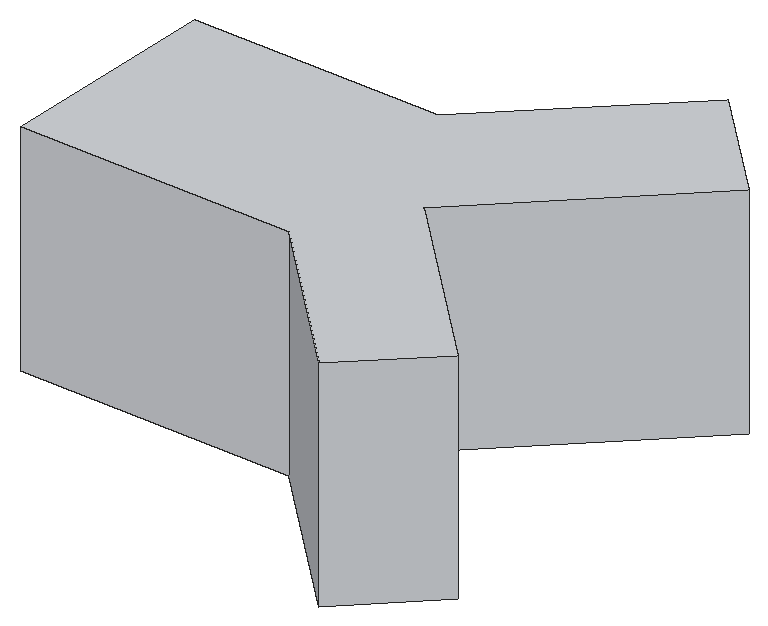
Revit family "M_Rectangular Wye", category Duct Fittings, Revit 2014
Parameters (values of type "Standard")
  Half Duct Width 1 [instance] = Duct Width 1 / 2  # 150 mm
  Duct Width 3 [instance] = 150 mm
  Duct Width 2 [instance] = 200 mm
  Duct Width 1 [instance] = 300 mm
  Duct Length 5 [instance] = Duct Width 1 / 4  # 75 mm
  Duct Length 4 [instance] = if(or(Angle 3 < 90.00°, Angle 3 = 90.00°), Duct Width 3 / 2 / sin(Angle 3) - 25 mm, Duct Width 3 / 2 * cos(180.00° - Angle 3))  # 81.066 mm
  Duct Length 3 [instance] = if(or(Angle 2 < 90.00°, Angle 2 = 90.00°), Duct Width 2 / 2 / sin(Angle 2) - 25 mm, Duct Width 2 / 2 * cos(180.00° - Angle 2))  # 116.421 mm
  Duct Length 2 [instance] = Duct Width 1 + 125 mm  # 425 mm
  Duct Length 1 [instance] = if(Duct Width 3 > Duct Width 2, Duct Width 3 + 125 mm, Duct Width 2 + 125 mm)  # 325 mm
  Duct Height [instance] = 300 mm
  Angle 3 [instance] = 45.00°
  Angle 2 [instance] = 45.00°
Reference planes
  plane 1 "Center (Front/Back)": y = 0
  plane 2: z = 0
  plane 3 "Center (Left/Right)": x = 0
  plane 4: x = -325
  plane 5: x = 116.421
  plane 6: x = 81.066
  plane 7: y = 75
  plane 8: y = -75
Forms (mm)
  Sweep 1, solid, detail levels medium+fine
    path in 3D
      loop
        line (-325, 0, 0) -> (0, 0, 0)
    profile "M_Rectangular Duct Profile : Duct - Rectangular 1" origin (-162.5, 0, 0) x (0, 1, 0) y (0, 0, 1)
      loop
        line (-150, 150) -> (-150, -150) -> (150, -150) -> (150, 150) -> (-150, 150)
  Sweep 2, solid, detail levels medium+fine
    path in 3D
      loop
        line (0, 75, 0) -> (116.421, 75, 0)
    profile "M_Rectangular Duct Profile : Duct - Rectangular Half 1" origin (58.211, 75, 0) x (0, 1, 0) y (0, 0, 1)
      loop
        line (-75, 150) -> (-75, -150) -> (75, -150) -> (75, 150) -> (-75, 150)
  Sweep 3, solid, detail levels medium+fine
    path in 3D
      loop
        line (0, -75, 0) -> (81.066, -75, 0)
    profile "M_Rectangular Duct Profile : Duct - Rectangular Half 1" origin (40.533, -75, 0) x (0, 1, 0) y (0, 0, 1)
      loop
        line (-75, 150) -> (-75, -150) -> (75, -150) -> (75, 150) -> (-75, 150)
  Sweep 4, solid, detail levels medium+fine
    path in 3D
      loop
        line (0, 0, 0) -> (300.52, 300.52, 0)
    profile "M_Rectangular Duct Profile : Duct - Rectangular 2" origin (150.26, 150.26, 0) x (-0.707107, 0.707107, 0) y (0, 0, 1)
      loop
        line (-100, 150) -> (-100, -150) -> (100, -150) -> (100, 150) -> (-100, 150)
  Sweep 5, solid, detail levels medium+fine
    path in 3D
      loop
        line (0, 0, 0) -> (300.52, -300.52, 0)
    profile "M_Rectangular Duct Profile : Duct - Rectangular 3" origin (150.26, -150.26, 0) x (0.707107, 0.707107, 0) y (0, 0, 1)
      loop
        line (-75, 150) -> (-75, -150) -> (75, -150) -> (75, 150) -> (-75, 150)
Cuts and joins
  joined: Sweep 1, Sweep 2, Sweep 3, Sweep 4, Sweep 5
Lines and regions (mm)
  model lines, detail levels coarse
    curve 1: line (0, 0, 0) -> (300.52, 300.52, 0)
    curve 2: line (0, 0, 0) -> (300.52, -300.52, 0)
    curve 3: line (-325, 0, 0) -> (0, 0, 0)
  reference lines
    curve 4: line (0, 75, 0) -> (116.421, 75, 0)
    curve 5: line (0, -75, 0) -> (81.066, -75, 0)
  sketch lines
    curve 6: line (-325, 0, 0) -> (0, 0, 0)
    curve 7: line (0, 75, 0) -> (116.421, 75, 0)
    curve 8: line (0, -75, 0) -> (81.066, -75, 0)
    curve 9: line (0, 0, 0) -> (300.52, 300.52, 0)
    curve 10: line (0, 0, 0) -> (300.52, -300.52, 0)
Dimensions and locks
  "Duct Length 1": plane 4 to plane 3 "Center (Left/Right)"
  "Duct Length 2": curve 1 to curve 1
  "Duct Length 2": curve 2 to curve 2
  "Duct Length 3": plane 3 "Center (Left/Right)" to plane 5
  "Duct Length 4": plane 3 "Center (Left/Right)" to plane 6
  "Duct Length 5": plane 1 "Center (Front/Back)" to plane 7
  "Duct Length 5": plane 1 "Center (Front/Back)" to plane 8
  "Angle 2": angle plane 1 "Center (Front/Back)" to curve 1
  "Angle 3": angle curve 2 to plane 1 "Center (Front/Back)"
  aligned and locked: plane 1 "Center (Front/Back)" to curve 2
  aligned and locked: plane 3 "Center (Left/Right)" to curve 2
  aligned and locked: plane 4 to curve 3
  aligned and locked: plane 1 "Center (Front/Back)" to curve 3
  aligned and locked: plane 3 "Center (Left/Right)" to curve 4
  aligned and locked: plane 5 to curve 4
  aligned and locked: curve 4 to plane 7
  aligned and locked: plane 6 to curve 5
  aligned and locked: plane 3 "Center (Left/Right)" to curve 5
  aligned and locked: curve 5 to plane 8
Connectors
  hvac at (-325, 0, 0), driven by "Duct Width 1", driven by "Duct Height"
    settings: on cut or joined group of Sweep 1, Sweep 2, Sweep 3, Sweep 4, Sweep 5, index 1, duct flow 0.0 L/s, flow factor 0, pres drop 0.0 Pa, loss coef 0, conn angle 0.00°, conn width 300 mm, conn height 300 mm, conn diameter 609.6 mm, duct sys type 28, conn prof type 1, flow config 0, flow direction 0, loss method 0, conn ref index -1, conn util no, is conn primary yes, conn desc ""
  hvac at (300.52, 300.52, 0), driven by "Duct Width 2", driven by "Duct Height", driven by "Angle 2"
    settings: on cut or joined group of Sweep 1, Sweep 2, Sweep 3, Sweep 4, Sweep 5, index 2, duct flow 0.0 L/s, flow factor 0, pres drop 0.0 Pa, loss coef 0, conn angle 45.00°, conn width 200 mm, conn height 300 mm, conn diameter 609.6 mm, duct sys type 28, conn prof type 1, flow config 0, flow direction 0, loss method 0, conn ref index -1, conn util no, is conn primary no, conn desc ""
  hvac at (300.52, -300.52, 0), driven by "Duct Width 3", driven by "Duct Height", driven by "Angle 3"
    settings: on cut or joined group of Sweep 1, Sweep 2, Sweep 3, Sweep 4, Sweep 5, index 3, duct flow 0.0 L/s, flow factor 0, pres drop 0.0 Pa, loss coef 0, conn angle 45.00°, conn width 150 mm, conn height 300 mm, conn diameter 609.6 mm, duct sys type 28, conn prof type 1, flow config 0, flow direction 0, loss method 0, conn ref index -1, conn util no, is conn primary no, conn desc ""
